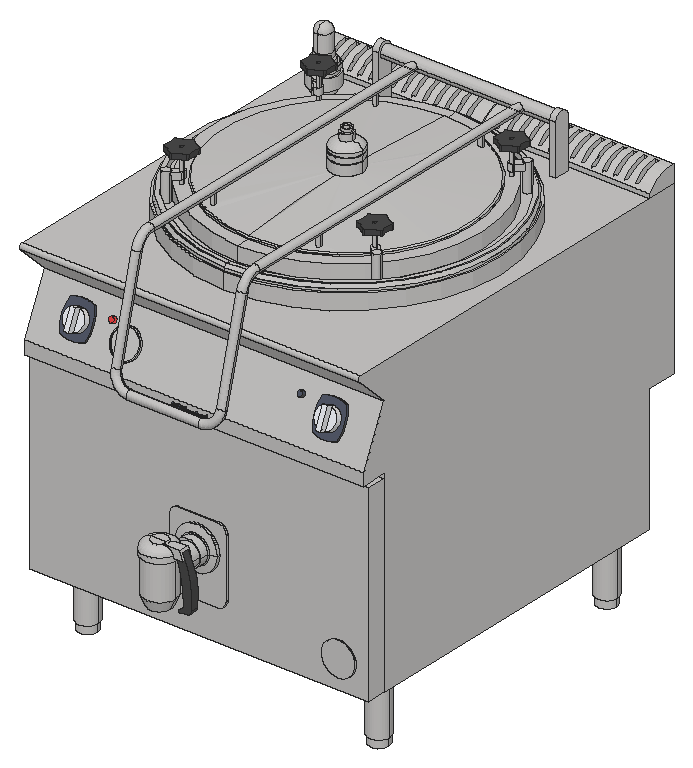
Revit family "QF_ELECTROLUXPROFESSIONAL_391104_E9BSGHIRFC", category Specialty Equipment, Revit 2018 (continued)
Lines and regions (mm)
  symbolic lines
    curve 209: arc (169.615, -295.914, 0) -> (171.677, -296.728, 0) -> (173.74, -295.914, 0) r 3.02
    curve 210: arc (159.181, -237.891, 0) -> (148.498, -233.575, 0) -> (141.51, -242.737, 0) r 9.5
    curve 211: arc (141.51, -242.737, 0) -> (141.692, -244.589, 0) -> (142.232, -246.369, 0) r 9.5
    curve 212: arc (626.292, -229.917, 0) -> (614.378, -238.753, 0) -> (600.772, -244.658, 0) r 65
    curve 213: arc (600.772, -244.658, 0) -> (599.046, -246.028, 0) -> (598.722, -248.207, 0) r 3
    curve 214: arc (598.722, -248.207, 0) -> (600.412, -262.931, 0) -> (598.722, -277.654, 0) r 65
    curve 215: arc (598.722, -277.654, 0) -> (599.046, -279.833, 0) -> (600.772, -281.203, 0) r 3
    curve 216: arc (600.772, -281.203, 0) -> (614.359, -287.097, 0) -> (626.26, -295.914, 0) r 65
    curve 217: arc (626.26, -295.914, 0) -> (628.323, -296.728, 0) -> (630.385, -295.914, 0) r 3.02
    curve 218: arc (630.385, -295.914, 0) -> (642.286, -287.097, 0) -> (655.873, -281.203, 0) r 65
    curve 219: arc (655.873, -281.203, 0) -> (657.599, -279.833, 0) -> (657.923, -277.654, 0) r 3
    curve 220: arc (657.923, -277.654, 0) -> (656.233, -262.931, 0) -> (657.923, -248.207, 0) r 65
    curve 221: arc (657.923, -248.207, 0) -> (657.599, -246.028, 0) -> (655.873, -244.658, 0) r 3
    curve 222: arc (655.873, -244.658, 0) -> (642.267, -238.753, 0) -> (630.353, -229.917, 0) r 65
    curve 223: arc (630.353, -229.917, 0) -> (628.323, -229.115, 0) -> (626.292, -229.917, 0) r 2.971
    curve 224: arc (632.323, -262.931, 0) -> (628.323, -266.931, 0) -> (624.323, -262.931, 0) r 4
    curve 225: arc (624.323, -262.931, 0) -> (628.323, -258.931, 0) -> (632.323, -262.931, 0) r 4
    curve 226: arc (657.768, -246.369, 0) -> (653.24, -234.241, 0) -> (640.819, -237.891, 0) r 9.5
    curve 227: arc (400, -829, 0) -> (341.533, -824.274, 0) -> (284.584, -810.217, 0) r 364
    curve 228: arc (400, -819.087, 0) -> (341.488, -814.219, 0) -> (284.584, -799.749, 0) r 354.087
    curve 229: arc (400, -810.163, 0) -> (341.443, -805.16, 0) -> (284.584, -790.295, 0) r 345.163
    curve 230: arc (400, -785.832, 0) -> (341.301, -780.416, 0) -> (284.584, -764.353, 0) r 320.832
    curve 231: arc (400, -753.723, 0) -> (341.05, -747.641, 0) -> (284.584, -729.651, 0) r 288.723
    curve 232: arc (400, -176.277, 0) -> (458.95, -182.359, 0) -> (515.416, -200.349, 0) r 288.723
    curve 233: arc (400, -144.168, 0) -> (458.699, -149.584, 0) -> (515.416, -165.647, 0) r 320.832
    curve 234: arc (400, -119.837, 0) -> (458.557, -124.84, 0) -> (515.416, -139.705, 0) r 345.163
    curve 235: arc (454.332, -115.106, 0) -> (485.211, -121.319, 0) -> (515.416, -130.251, 0) r 354.087
    curve 236: arc (500.351, -115.106, 0) -> (507.909, -117.363, 0) -> (515.416, -119.783, 0) r 364
    curve 237: arc (284.584, -119.783, 0) -> (292.091, -117.363, 0) -> (299.649, -115.106, 0) r 364
    curve 238: arc (284.584, -130.251, 0) -> (314.789, -121.319, 0) -> (345.668, -115.106, 0) r 354.087
    curve 239: arc (284.584, -139.705, 0) -> (341.443, -124.84, 0) -> (400, -119.837, 0) r 345.163
    curve 240: arc (284.584, -165.647, 0) -> (341.301, -149.584, 0) -> (400, -144.168, 0) r 320.832
    curve 241: arc (284.584, -200.349, 0) -> (341.05, -182.359, 0) -> (400, -176.277, 0) r 288.723
    curve 242: arc (534.416, -209.474, 0) -> (568.945, -230.866, 0) -> (600.131, -256.892, 0) r 288.723
    curve 243: arc (534.416, -173.684, 0) -> (580.763, -199.938, 0) -> (622.126, -233.499, 0) r 320.832
    curve 244: arc (534.416, -147.085, 0) -> (745.163, -465, 0) -> (534.416, -782.915, 0) r 345.163
    curve 245: arc (534.416, -137.418, 0) -> (754.087, -465, 0) -> (534.416, -792.582, 0) r 354.087
    curve 246: arc (534.416, -126.727, 0) -> (764, -465, 0) -> (534.416, -803.273, 0) r 364
    curve 247: arc (265.584, -720.526, 0) -> (231.055, -699.134, 0) -> (199.869, -673.108, 0) r 288.723
    curve 248: arc (265.584, -756.316, 0) -> (219.237, -730.062, 0) -> (177.874, -696.501, 0) r 320.832
    curve 249: arc (265.584, -782.915, 0) -> (54.837, -465, 0) -> (265.584, -147.085, 0) r 345.163
    curve 250: arc (265.584, -792.582, 0) -> (45.913, -465, 0) -> (265.584, -137.418, 0) r 354.087
    curve 251: arc (265.584, -803.273, 0) -> (36, -465, 0) -> (265.584, -126.727, 0) r 364
    curve 252: arc (515.416, -810.217, 0) -> (458.467, -824.274, 0) -> (400, -829, 0) r 364
    curve 253: arc (515.416, -799.749, 0) -> (458.512, -814.219, 0) -> (400, -819.087, 0) r 354.087
    curve 254: arc (515.416, -790.295, 0) -> (458.557, -805.16, 0) -> (400, -810.163, 0) r 345.163
    curve 255: arc (515.416, -764.353, 0) -> (458.699, -780.416, 0) -> (400, -785.832, 0) r 320.832
    curve 256: arc (515.416, -729.651, 0) -> (458.95, -747.641, 0) -> (400, -753.723, 0) r 288.723
    curve 257: arc (199.869, -256.892, 0) -> (231.055, -230.866, 0) -> (265.584, -209.474, 0) r 288.723
    curve 258: arc (177.874, -233.499, 0) -> (219.237, -199.938, 0) -> (265.584, -173.684, 0) r 320.832
    curve 259: arc (632.594, -293.941, 0) -> (688.723, -465, 0) -> (632.594, -636.059, 0) r 288.723
    curve 260: arc (657.013, -272.965, 0) -> (720.832, -465, 0) -> (657.013, -657.035, 0) r 320.832
    curve 261: arc (600.131, -673.108, 0) -> (568.945, -699.134, 0) -> (534.416, -720.526, 0) r 288.723
    curve 262: arc (622.126, -696.501, 0) -> (580.763, -730.062, 0) -> (534.416, -756.316, 0) r 320.832
    curve 263: arc (167.406, -636.059, 0) -> (111.277, -465, 0) -> (167.406, -293.941, 0) r 288.723
    curve 264: arc (142.987, -657.035, 0) -> (79.168, -465, 0) -> (142.987, -272.965, 0) r 320.832
    curve 265: line (284.584, -930, 0) -> (515.416, -930, 0)
    curve 266: line (534.416, -930, 0) -> (800, -930, 0)
    curve 267: arc (363.126, -465, 0) -> (400, -428.126, 0) -> (436.874, -465, 0) r 36.874
    curve 268: arc (436.874, -465, 0) -> (400, -501.874, 0) -> (363.126, -465, 0) r 36.874
    curve 269: arc (411.853, -465, 0) -> (400, -476.853, 0) -> (388.147, -465, 0) r 11.853
    curve 270: arc (388.147, -465, 0) -> (400, -453.147, 0) -> (411.853, -465, 0) r 11.853
    curve 271: arc (393.147, -465, 0) -> (400, -458.147, 0) -> (406.853, -465, 0) r 6.853
    curve 272: arc (406.853, -465, 0) -> (400, -471.853, 0) -> (393.147, -465, 0) r 6.853
  sketch lines
    curve 273: line (524.916, -890.935, 965.089) -> (524.916, -107.606, 965.089)
    curve 274: line (275.084, -890.935, 965.089) -> (275.084, -107.606, 965.089)
    curve 275: line (275.084, -989.388, 712.205) -> (275.084, -929.572, 935.442)
    curve 276: line (484.916, -1000.106, 672.205) -> (315.084, -1000.106, 672.205)
    curve 277: line (524.916, -929.572, 935.442) -> (524.916, -989.388, 712.205)
    curve 278: spline (484.916, -1000.106, 672.205) -> (490.158, -1000.013, 672.551) -> (495.264, -999.741, 673.567) -> (500.22, -999.29, 675.249) -> (504.918, -998.67, 677.565) -> (509.267, -997.891, 680.471) -> (513.2, -996.967, 683.92) -> (516.65, -995.913, 687.855) -> (519.555, -994.746, 692.209) -> (521.869, -993.489, 696.901) -> (523.551, -992.164, 701.847) -> (524.57, -990.793, 706.961) -> (524.916, -989.388, 712.205)
    curve 279: spline (275.084, -989.388, 712.205) -> (275.43, -990.793, 706.963) -> (276.446, -992.161, 701.857) -> (278.128, -993.489, 696.901) -> (280.443, -994.748, 692.203) -> (283.35, -995.913, 687.854) -> (286.799, -996.967, 683.921) -> (290.734, -997.891, 680.471) -> (295.088, -998.67, 677.567) -> (299.78, -999.29, 675.252) -> (304.726, -999.74, 673.571) -> (309.84, -1000.013, 672.552) -> (315.084, -1000.106, 672.205)
    curve 280: arc (275.084, -890.935, 965.089) -> (275.084, -915.286, 956.823) -> (275.084, -929.572, 935.442) r 40
    curve 281: arc (524.916, -929.572, 935.442) -> (524.916, -915.286, 956.823) -> (524.916, -890.935, 965.089) r 40
    curve 282: line (275.084, -107.606, 965.089) -> (275.084, -270.469, 1731.3)
    curve 283: line (275.084, -538.322, 1775.026) -> (275.084, -307.502, 1762.929)
    curve 284: arc (275.084, -270.469, 1731.3) -> (275.084, -283.617, 1753.4) -> (275.084, -307.502, 1762.929) r 40
    curve 285: arc (275.084, -538.322, 1775.026) -> (286.8, -566.568, 1776.497) -> (315.084, -578.268, 1777.106) r 40
    curve 286: line (315.084, -578.268, 1777.106) -> (484.916, -578.268, 1777.106)
    curve 287: arc (524.916, -538.322, 1775.026) -> (513.2, -566.568, 1776.497) -> (484.916, -578.268, 1777.106) r 40
    curve 288: line (524.916, -538.322, 1775.026) -> (524.916, -307.502, 1762.929)
    curve 289: arc (524.916, -270.469, 1731.3) -> (524.916, -283.617, 1753.4) -> (524.916, -307.502, 1762.929) r 40
    curve 290: line (524.916, -107.606, 965.089) -> (524.916, -270.469, 1731.3)
Dimensions and locks
  equal spacing: plane 3 "LEFT", plane 7 "Center Y", plane 4 "RIGHT"
  "Width": plane 3 "LEFT" to plane 4 "RIGHT"
  equal spacing: plane 5 "FRONT", plane 8 "Center X", plane 1 "BACK"
  "Depth": plane 5 "FRONT" to plane 1 "BACK"
  "Height": plane 6 "TOP" to level
  plane 11 to level = 1786 mm  (x2)
  plane 9 "Base" to level = 150 mm  (x2)
  plane 6 "TOP" to plane 9 "Base" = 700 mm
  plane 13 to plane 3 "LEFT" = 56 mm
  plane 4 "RIGHT" to plane 14 = 56 mm
  plane 13 to plane 14 = 688 mm
  plane 12 to plane 5 "FRONT" = 130 mm
  plane 12 to Extrusion 5 = 101 mm
  Extrusion 5 to plane 10 = 116 mm
  plane 1 "BACK" to Extrusion 5 = 901 mm
  Extrusion 5 to plane 9 "Base" = 299 mm
  plane 1 "BACK" to Extrusion 5 = 72 mm
  Extrusion 21 sketch curve to plane 1 "BACK" = 655 mm
  Extrusion 21 sketch curve to plane 4 "RIGHT" = 54 mm
  Extrusion 22 sketch curve to plane 1 "BACK" = 721 mm
  Extrusion 22 sketch curve to plane 4 "RIGHT" = 71 mm
  Extrusion 22 to plane 1 "BACK" = 721 mm
  Extrusion 21 to plane 1 "BACK" = 655 mm
  plane 15 to plane 4 "RIGHT" = 54 mm
  plane 16 to plane 4 "RIGHT" = 71 mm
  Extrusion 23 sketch curve to plane 1 "BACK" = 646 mm
  Extrusion 23 sketch curve to plane 1 "BACK" = 716 mm
  Extrusion 23 to plane 1 "BACK" = 646 mm
  Extrusion 23 to plane 1 "BACK" = 716 mm
  plane 3 "LEFT" to plane 17 = 47 mm
  plane 1 "BACK" to plane 20 = 127 mm
  plane 20 to plane 12 = 673 mm
  Revolve 35 to level = 266 mm
  plane 9 "Base" to Extrusion 23 = 13 mm
  level to Extrusion 23 = 137 mm
  plane 6 "TOP" to level = 850 mm
  Extrusion 38 sketch curve to plane 1 "BACK" = 716 mm
  aligned and locked: level to plane 2
  aligned and locked: plane 4 "RIGHT" to Extrusion 5
Automatic sketch dimensions
  Revolve 1 sketch curve to plane 9 "Base" = 0 mm  (x2)
  Revolve 1 sketch curve to level = 0 mm
  plane 13 to Revolve 1 sketch curve = 0 mm  (x2)
  plane 17 to Revolve 1 sketch curve = 13.9 mm
  Revolve 1 sketch curve to Revolve 1 sketch curve = 2.5 mm
  level to Revolve 1 sketch curve = 19.05 mm
  plane 9 "Base" to Revolve 1 sketch curve = 20 mm
  Revolve 2 sketch curve to plane 9 "Base" = 0 mm  (x2)
  Revolve 2 sketch curve to level = 0 mm
  Revolve 2 sketch curve to plane 14 = 0 mm  (x2)
  Revolve 2 sketch curve to plane 15 = 20.9 mm
  Revolve 2 sketch curve to Revolve 2 sketch curve = 2.5 mm
  plane 9 "Base" to Revolve 2 sketch curve = 20 mm
  level to Revolve 2 sketch curve = 19.05 mm
  Revolve 3 sketch curve to plane 9 "Base" = 0 mm  (x2)
  Revolve 3 sketch curve to level = 0 mm
  plane 13 to Revolve 3 sketch curve = 0 mm  (x2)
  plane 17 to Revolve 3 sketch curve = 13.9 mm
  Revolve 3 sketch curve to Revolve 3 sketch curve = 2.5 mm
  level to Revolve 3 sketch curve = 19.05 mm
  plane 9 "Base" to Revolve 3 sketch curve = 20 mm
  Revolve 4 sketch curve to plane 9 "Base" = 0 mm  (x2)
  Revolve 4 sketch curve to level = 0 mm
  Revolve 4 sketch curve to plane 14 = 0 mm  (x2)
  Revolve 4 sketch curve to plane 15 = 20.9 mm
  Revolve 4 sketch curve to Revolve 4 sketch curve = 2.5 mm
  plane 9 "Base" to Revolve 4 sketch curve = 20 mm
  level to Revolve 4 sketch curve = 19.05 mm
  Extrusion 5 sketch curve to plane 6 "TOP" = 0 mm
  Extrusion 5 sketch curve to plane 9 "Base" = 0 mm  (x2)
  Extrusion 5 sketch curve to plane 1 "BACK" = 0 mm
  plane 20 to Extrusion 5 sketch curve = 55 mm
  Extrusion 5 sketch curve to plane 12 = 51.569 mm
  Extrusion 5 sketch curve to Extrusion 5 sketch curve = 3.175 mm  (x2)
  Extrusion 5 sketch curve to Extrusion 5 sketch curve = 0.442 mm
  Extrusion 5 sketch curve to plane 12 = 56.613 mm
  Extrusion 5 sketch curve to plane 5 "FRONT" = 29 mm
  Extrusion 5 sketch curve to plane 5 "FRONT" = 14.69 mm
  Extrusion 5 sketch curve to plane 5 "FRONT" = 7.658 mm
  Extrusion 5 sketch curve to plane 5 "FRONT" = 2.243 mm
  plane 9 "Base" to Extrusion 5 sketch curve = 299 mm
  Extrusion 5 sketch curve to plane 6 "TOP" = 247.929 mm
  Extrusion 5 sketch curve to Extrusion 5 sketch curve = 8.058 mm
  Extrusion 5 sketch curve to Extrusion 5 sketch curve = 9.61 mm
  Extrusion 5 sketch curve to Extrusion 5 sketch curve = 31.298 mm
  Extrusion 5 sketch curve to plane 6 "TOP" = 83.217 mm
  Extrusion 5 sketch curve to plane 6 "TOP" = 13.073 mm
  Extrusion 6 sketch curve to plane 7 "Center Y" = 46.875 mm
  plane 9 "Base" to Extrusion 6 sketch curve = 76.296 mm
  Extrusion 6 sketch curve to Extrusion 6 sketch curve = 20 mm  (x3)
  Extrusion 6 sketch curve to Extrusion 6 sketch curve = 140 mm
  plane 7 "Center Y" to Extrusion 6 sketch curve = 46.875 mm
  Extrusion 6 sketch curve to Extrusion 6 sketch curve = 0 mm
  Revolve 7 sketch curve to plane 7 "Center Y" = 0 mm  (x2)
  plane 7 "Center Y" to Revolve 7 sketch curve = 27.31 mm
  Revolve 7 sketch curve to Revolve 7 sketch curve = 4.21 mm
  Revolve 7 sketch curve to Revolve 7 sketch curve = 2.04 mm
  Revolve 7 sketch curve to Revolve 7 sketch curve = 16.919 mm
  Revolve 7 sketch curve to plane 10 = 22.744 mm
  plane 5 "FRONT" to Revolve 7 sketch curve = 4.737 mm
  Revolve 7 sketch curve to plane 5 "FRONT" = 1.761 mm
  Revolve 7 sketch curve to plane 5 "FRONT" = 13.787 mm
  Revolve 7 sketch curve to Revolve 7 sketch curve = 2.899 mm
  Revolve 7 sketch curve to Revolve 7 sketch curve = 3.596 mm
  Revolve 7 sketch curve to Revolve 7 sketch curve = 24.039 mm
  Revolve 7 sketch curve to Revolve 7 sketch curve = 15.961 mm
  plane 19 to Extrusion 9 sketch curve = 20.038 mm
  plane 16 to Extrusion 9 sketch curve = 1.596 mm
  Extrusion 9 sketch curve to Extrusion 9 sketch curve = 0 mm  (x3)
  Extrusion 9 sketch curve to plane 13 = 16.596 mm
  plane 18 to Extrusion 9 sketch curve = 20.038 mm
  Extrusion 9 sketch curve to Extrusion 9 sketch curve = 12.3 mm  (x2)
  Extrusion 9 sketch curve to plane 15 = 7.131 mm
  Extrusion 9 sketch curve to Extrusion 9 sketch curve = 34.925 mm  (x4)
  Extrusion 9 sketch curve to plane 19 = 5.076 mm
  Extrusion 9 sketch curve to plane 18 = 5.076 mm
  plane 17 to Extrusion 9 sketch curve = 0.131 mm
  Extrusion 9 sketch curve to Extrusion 9 sketch curve = 46.691 mm  (x2)
  plane 16 to Extrusion 9 sketch curve = 2.214 mm
  plane 18 to Extrusion 9 sketch curve = 20.651 mm
  Extrusion 9 sketch curve to plane 13 = 17.214 mm
  plane 19 to Extrusion 9 sketch curve = 20.651 mm
  Extrusion 10 sketch curve to Extrusion 10 sketch curve = 0 mm
  Extrusion 10 sketch curve to Extrusion 10 sketch curve = 595.086 mm
  Extrusion 11 sketch curve to Extrusion 11 sketch curve = 24.732 mm  (x2)
  Extrusion 11 sketch curve to Extrusion 11 sketch curve = 0 mm  (x2)
  Extrusion 12 sketch curve to plane 18 = 26.173 mm
  Extrusion 13 sketch curve to plane 19 = 26.173 mm
  plane 7 "Center Y" to Extrusion 14 sketch curve = 21.292 mm
  Extrusion 14 sketch curve to plane 6 "TOP" = 237.067 mm
  Extrusion 14 sketch curve to plane 7 "Center Y" = 13.807 mm
  Extrusion 14 sketch curve to Extrusion 14 sketch curve = 5.041 mm
  plane 7 "Center Y" to Extrusion 14 sketch curve = 5.969 mm
  Extrusion 14 sketch curve to Extrusion 14 sketch curve = 5.06 mm
  Extrusion 14 sketch curve to Extrusion 14 sketch curve = 0 mm  (x27)
  Extrusion 14 sketch curve to Extrusion 14 sketch curve = 5.108 mm  (x2)
  Extrusion 14 sketch curve to Extrusion 14 sketch curve = 0.054 mm
  Extrusion 14 sketch curve to Extrusion 14 sketch curve = 0.218 mm
  Extrusion 14 sketch curve to Extrusion 14 sketch curve = 0.195 mm
  Extrusion 14 sketch curve to Extrusion 14 sketch curve = 0.249 mm
  Extrusion 14 sketch curve to Extrusion 14 sketch curve = 0.316 mm
  Extrusion 14 sketch curve to Extrusion 14 sketch curve = 0.087 mm
  Extrusion 14 sketch curve to Extrusion 14 sketch curve = 0.358 mm
  Extrusion 14 sketch curve to Extrusion 14 sketch curve = 0.481 mm
  Extrusion 14 sketch curve to Extrusion 14 sketch curve = 0.597 mm
  Extrusion 14 sketch curve to Extrusion 14 sketch curve = 0.544 mm
  Extrusion 14 sketch curve to Extrusion 14 sketch curve = 0.936 mm
  Extrusion 14 sketch curve to Extrusion 14 sketch curve = 0.594 mm
  Extrusion 14 sketch curve to Extrusion 14 sketch curve = 0.343 mm
  Extrusion 14 sketch curve to Extrusion 14 sketch curve = 0.159 mm
  Extrusion 14 sketch curve to Extrusion 14 sketch curve = 0.826 mm
  Extrusion 14 sketch curve to Extrusion 14 sketch curve = 0.839 mm
  Extrusion 14 sketch curve to Extrusion 14 sketch curve = 0.852 mm
  Extrusion 14 sketch curve to Extrusion 14 sketch curve = 0.887 mm
  Extrusion 14 sketch curve to Extrusion 14 sketch curve = 0.928 mm
  Extrusion 14 sketch curve to Extrusion 14 sketch curve = 0.938 mm
  Extrusion 14 sketch curve to Extrusion 14 sketch curve = 0.444 mm
  Extrusion 14 sketch curve to Extrusion 14 sketch curve = 1.11 mm  (x3)
  plane 7 "Center Y" to Extrusion 14 sketch curve = 43.726 mm
  Extrusion 14 sketch curve to Extrusion 14 sketch curve = 0.215 mm
  plane 7 "Center Y" to Extrusion 14 sketch curve = 0.332 mm
  Extrusion 14 sketch curve to Extrusion 14 sketch curve = 1.43 mm
  Extrusion 14 sketch curve to Extrusion 14 sketch curve = 1.188 mm
  Extrusion 14 sketch curve to Extrusion 14 sketch curve = 1.21 mm  (x2)
  Extrusion 14 sketch curve to Extrusion 14 sketch curve = 0.503 mm
  plane 7 "Center Y" to Extrusion 14 sketch curve = 48.995 mm
  Extrusion 14 sketch curve to Extrusion 14 sketch curve = 0.488 mm
  plane 7 "Center Y" to Extrusion 14 sketch curve = 52.922 mm
  Extrusion 14 sketch curve to Extrusion 14 sketch curve = 0.462 mm
  Extrusion 14 sketch curve to Extrusion 14 sketch curve = 1.386 mm
  Extrusion 14 sketch curve to Extrusion 14 sketch curve = 1.742 mm
  Extrusion 14 sketch curve to Extrusion 14 sketch curve = 0.821 mm
  Extrusion 14 sketch curve to Extrusion 14 sketch curve = 0.497 mm
  Extrusion 14 sketch curve to Extrusion 14 sketch curve = 0.539 mm
  Extrusion 14 sketch curve to Extrusion 14 sketch curve = 0.199 mm
  Extrusion 14 sketch curve to plane 7 "Center Y" = 0.042 mm
  Extrusion 14 sketch curve to Extrusion 14 sketch curve = 0.408 mm
  Extrusion 14 sketch curve to Extrusion 14 sketch curve = 0.743 mm
  Extrusion 14 sketch curve to Extrusion 14 sketch curve = 1.16 mm
  Extrusion 14 sketch curve to Extrusion 14 sketch curve = 0.329 mm
  Extrusion 14 sketch curve to Extrusion 14 sketch curve = 1.054 mm
  Extrusion 14 sketch curve to Extrusion 14 sketch curve = 1.056 mm
  Extrusion 14 sketch curve to Extrusion 14 sketch curve = 0.129 mm
  Extrusion 14 sketch curve to Extrusion 14 sketch curve = 0.489 mm
  Extrusion 14 sketch curve to plane 7 "Center Y" = 0.376 mm
  Extrusion 14 sketch curve to Extrusion 14 sketch curve = 0.441 mm
  Extrusion 14 sketch curve to Extrusion 14 sketch curve = 1.151 mm
  Extrusion 14 sketch curve to Extrusion 14 sketch curve = 1.141 mm  (x2)
  Extrusion 14 sketch curve to Extrusion 14 sketch curve = 0.768 mm
  Extrusion 14 sketch curve to Extrusion 14 sketch curve = 1.653 mm
  Extrusion 14 sketch curve to Extrusion 14 sketch curve = 0.499 mm
  Extrusion 14 sketch curve to Extrusion 14 sketch curve = 0.964 mm
  Extrusion 14 sketch curve to Extrusion 14 sketch curve = 0.949 mm
  Extrusion 14 sketch curve to Extrusion 14 sketch curve = 1.345 mm  (x3)
  Extrusion 14 sketch curve to Extrusion 14 sketch curve = 1.101 mm
  Extrusion 14 sketch curve to Extrusion 14 sketch curve = 0.432 mm
  Extrusion 14 sketch curve to Extrusion 14 sketch curve = 1.142 mm
  Extrusion 14 sketch curve to Extrusion 14 sketch curve = 0.959 mm
  Extrusion 14 sketch curve to Extrusion 14 sketch curve = 0.176 mm
  Extrusion 14 sketch curve to Extrusion 14 sketch curve = 0.728 mm
  Extrusion 14 sketch curve to Extrusion 14 sketch curve = 3.375 mm  (x2)
  Extrusion 14 sketch curve to Extrusion 14 sketch curve = 0.541 mm
  Extrusion 14 sketch curve to Extrusion 14 sketch curve = 0.955 mm
  Extrusion 14 sketch curve to Extrusion 14 sketch curve = 1.251 mm
  Extrusion 14 sketch curve to Extrusion 14 sketch curve = 0.572 mm
  plane 7 "Center Y" to Extrusion 14 sketch curve = 47.619 mm
  Extrusion 14 sketch curve to Extrusion 14 sketch curve = 1.92 mm
  Extrusion 14 sketch curve to Extrusion 14 sketch curve = 1.224 mm
  Extrusion 14 sketch curve to Extrusion 14 sketch curve = 0.745 mm
  Extrusion 14 sketch curve to Extrusion 14 sketch curve = 0.036 mm
  Extrusion 14 sketch curve to Extrusion 14 sketch curve = 0.896 mm  (x3)
  Extrusion 14 sketch curve to Extrusion 14 sketch curve = 2.607 mm
  Extrusion 14 sketch curve to Extrusion 14 sketch curve = 0.066 mm
  Extrusion 14 sketch curve to Extrusion 14 sketch curve = 0.248 mm
  Extrusion 14 sketch curve to Extrusion 14 sketch curve = 0.449 mm
  plane 7 "Center Y" to Extrusion 14 sketch curve = 46.838 mm
  Extrusion 14 sketch curve to Extrusion 14 sketch curve = 1.052 mm
  Extrusion 14 sketch curve to Extrusion 14 sketch curve = 1.863 mm
  Extrusion 14 sketch curve to Extrusion 14 sketch curve = 1.31 mm  (x2)
  Extrusion 14 sketch curve to Extrusion 14 sketch curve = 0.901 mm
  Extrusion 14 sketch curve to Extrusion 14 sketch curve = 1.107 mm
  Extrusion 14 sketch curve to Extrusion 14 sketch curve = 2.122 mm
  Extrusion 14 sketch curve to Extrusion 14 sketch curve = 2.101 mm
  Extrusion 14 sketch curve to Extrusion 14 sketch curve = 0.106 mm
  Extrusion 14 sketch curve to Extrusion 14 sketch curve = 0.029 mm
  plane 7 "Center Y" to Extrusion 14 sketch curve = 49.641 mm
  Extrusion 14 sketch curve to Extrusion 14 sketch curve = 2.09 mm
  Extrusion 14 sketch curve to Extrusion 14 sketch curve = 1.279 mm
  Extrusion 14 sketch curve to Extrusion 14 sketch curve = 2.008 mm
  Extrusion 14 sketch curve to Extrusion 14 sketch curve = 0.738 mm
  Extrusion 14 sketch curve to Extrusion 14 sketch curve = 0.382 mm
  Extrusion 14 sketch curve to Extrusion 14 sketch curve = 0.384 mm
  Extrusion 14 sketch curve to Extrusion 14 sketch curve = 0.002 mm
  Extrusion 14 sketch curve to Extrusion 14 sketch curve = 0.561 mm
  Extrusion 14 sketch curve to Extrusion 14 sketch curve = 0.592 mm
  Extrusion 14 sketch curve to Extrusion 14 sketch curve = 2.692 mm
  Extrusion 14 sketch curve to Extrusion 14 sketch curve = 1.259 mm
  plane 7 "Center Y" to Extrusion 14 sketch curve = 48.858 mm
  Extrusion 14 sketch curve to Extrusion 14 sketch curve = 0.802 mm
  Extrusion 14 sketch curve to Extrusion 14 sketch curve = 1.024 mm
  Extrusion 14 sketch curve to Extrusion 14 sketch curve = 0.682 mm
  Extrusion 14 sketch curve to Extrusion 14 sketch curve = 5.934 mm
  Extrusion 14 sketch curve to Extrusion 14 sketch curve = 2.186 mm
  Extrusion 14 sketch curve to Extrusion 14 sketch curve = 0.337 mm
  Extrusion 14 sketch curve to Extrusion 14 sketch curve = 0.021 mm
  Extrusion 14 sketch curve to Extrusion 14 sketch curve = 1.005 mm
  Extrusion 14 sketch curve to Extrusion 14 sketch curve = 0.552 mm
  Extrusion 14 sketch curve to Extrusion 14 sketch curve = 0.778 mm
  Extrusion 14 sketch curve to Extrusion 14 sketch curve = 0.063 mm
  Extrusion 14 sketch curve to Extrusion 14 sketch curve = 1.023 mm
  Extrusion 14 sketch curve to Extrusion 14 sketch curve = 3.804 mm
  Extrusion 14 sketch curve to Extrusion 14 sketch curve = 0.486 mm
  Extrusion 14 sketch curve to Extrusion 14 sketch curve = 0.266 mm
  Extrusion 14 sketch curve to plane 7 "Center Y" = 0.787 mm
  Extrusion 14 sketch curve to Extrusion 14 sketch curve = 1.547 mm
  Extrusion 14 sketch curve to Extrusion 14 sketch curve = 0.717 mm  (x2)
  Extrusion 14 sketch curve to Extrusion 14 sketch curve = 1.667 mm
  plane 7 "Center Y" to Extrusion 14 sketch curve = 44.532 mm
  Extrusion 14 sketch curve to Extrusion 14 sketch curve = 3.174 mm
  plane 7 "Center Y" to Extrusion 14 sketch curve = 0.368 mm
  Extrusion 14 sketch curve to Extrusion 14 sketch curve = 0.388 mm
  Extrusion 14 sketch curve to Extrusion 14 sketch curve = 1.342 mm
  plane 7 "Center Y" to Extrusion 14 sketch curve = 50.135 mm
  Extrusion 14 sketch curve to Extrusion 14 sketch curve = 1.521 mm
  plane 7 "Center Y" to Extrusion 14 sketch curve = 51.694 mm
  Extrusion 14 sketch curve to Extrusion 14 sketch curve = 0.124 mm
  Extrusion 14 sketch curve to Extrusion 14 sketch curve = 0.291 mm
  plane 7 "Center Y" to Extrusion 14 sketch curve = 7.285 mm
  Extrusion 14 sketch curve to Extrusion 14 sketch curve = 1.049 mm  (x2)
  plane 7 "Center Y" to Extrusion 14 sketch curve = 47.668 mm
  Extrusion 14 sketch curve to Extrusion 14 sketch curve = 1.7 mm
  Extrusion 14 sketch curve to Extrusion 14 sketch curve = 0.894 mm
  Extrusion 14 sketch curve to Extrusion 14 sketch curve = 0.989 mm
  Extrusion 14 sketch curve to Extrusion 14 sketch curve = 1.168 mm
  Extrusion 14 sketch curve to Extrusion 14 sketch curve = 1.594 mm
  Extrusion 14 sketch curve to Extrusion 14 sketch curve = 0.731 mm
  Extrusion 14 sketch curve to Extrusion 14 sketch curve = 1.566 mm
  Extrusion 14 sketch curve to Extrusion 14 sketch curve = 0.064 mm
  plane 7 "Center Y" to Extrusion 14 sketch curve = 7.842 mm
  Extrusion 14 sketch curve to Extrusion 14 sketch curve = 0.556 mm
  Extrusion 14 sketch curve to Extrusion 14 sketch curve = 0.48 mm
  Extrusion 14 sketch curve to Extrusion 14 sketch curve = 0.228 mm
  Extrusion 14 sketch curve to Extrusion 14 sketch curve = 1.018 mm
  plane 7 "Center Y" to Extrusion 14 sketch curve = 37.429 mm
  Extrusion 14 sketch curve to Extrusion 14 sketch curve = 0.787 mm
  Extrusion 14 sketch curve to Extrusion 14 sketch curve = 0.618 mm
  plane 7 "Center Y" to Extrusion 14 sketch curve = 42.486 mm
  Extrusion 14 sketch curve to Extrusion 14 sketch curve = 1.672 mm
  plane 7 "Center Y" to Extrusion 14 sketch curve = 53.436 mm
  Extrusion 14 sketch curve to Extrusion 14 sketch curve = 1.361 mm
  Extrusion 14 sketch curve to Extrusion 14 sketch curve = 0.822 mm
  Extrusion 14 sketch curve to Extrusion 14 sketch curve = 0.069 mm
  Extrusion 14 sketch curve to Extrusion 14 sketch curve = 1.88 mm
  plane 7 "Center Y" to Extrusion 14 sketch curve = 35.269 mm
  Extrusion 14 sketch curve to Extrusion 14 sketch curve = 0.42 mm
  Extrusion 14 sketch curve to Extrusion 14 sketch curve = 0.062 mm
  Extrusion 14 sketch curve to Extrusion 14 sketch curve = 1.355 mm
  Extrusion 14 sketch curve to Extrusion 14 sketch curve = 2.34 mm
  Extrusion 14 sketch curve to Extrusion 14 sketch curve = 0.493 mm
  Extrusion 14 sketch curve to Extrusion 14 sketch curve = 0.136 mm
  Extrusion 14 sketch curve to Extrusion 14 sketch curve = 0.128 mm
  Extrusion 14 sketch curve to Extrusion 14 sketch curve = 3.616 mm
  Extrusion 14 sketch curve to Extrusion 14 sketch curve = 4.207 mm
  Extrusion 14 sketch curve to Extrusion 14 sketch curve = 0.183 mm
  Extrusion 14 sketch curve to Extrusion 14 sketch curve = 0.895 mm
  Extrusion 14 sketch curve to Extrusion 14 sketch curve = 1.314 mm
  Extrusion 14 sketch curve to Extrusion 14 sketch curve = 3.231 mm
  Extrusion 14 sketch curve to plane 7 "Center Y" = 23.526 mm
  Extrusion 14 sketch curve to Extrusion 14 sketch curve = 1.299 mm
  Extrusion 14 sketch curve to Extrusion 14 sketch curve = 1.214 mm
  plane 7 "Center Y" to Extrusion 14 sketch curve = 26.369 mm
  Extrusion 14 sketch curve to Extrusion 14 sketch curve = 1.264 mm
  Extrusion 14 sketch curve to Extrusion 14 sketch curve = 0.109 mm
  Extrusion 14 sketch curve to Extrusion 14 sketch curve = 0.357 mm
  Extrusion 14 sketch curve to Extrusion 14 sketch curve = 0.565 mm
  Extrusion 14 sketch curve to Extrusion 14 sketch curve = 2.504 mm
  Extrusion 14 sketch curve to Extrusion 14 sketch curve = 2.459 mm
  Extrusion 14 sketch curve to Extrusion 14 sketch curve = 0.983 mm
  Extrusion 14 sketch curve to Extrusion 14 sketch curve = 0.422 mm  (x2)
  Extrusion 14 sketch curve to Extrusion 14 sketch curve = 1.268 mm
  Extrusion 14 sketch curve to Extrusion 14 sketch curve = 0.671 mm
  Extrusion 14 sketch curve to Extrusion 14 sketch curve = 1.634 mm
  Extrusion 14 sketch curve to Extrusion 14 sketch curve = 0.132 mm
  Extrusion 14 sketch curve to Extrusion 14 sketch curve = 0.586 mm
  Extrusion 14 sketch curve to Extrusion 14 sketch curve = 1.241 mm
  Extrusion 14 sketch curve to Extrusion 14 sketch curve = 1.689 mm
  Extrusion 14 sketch curve to Extrusion 14 sketch curve = 0.627 mm
  Extrusion 14 sketch curve to Extrusion 14 sketch curve = 0.419 mm
  Extrusion 14 sketch curve to Extrusion 14 sketch curve = 1.514 mm
  Extrusion 14 sketch curve to Extrusion 14 sketch curve = 1.019 mm
  Extrusion 14 sketch curve to Extrusion 14 sketch curve = 0.065 mm
  Extrusion 14 sketch curve to Extrusion 14 sketch curve = 1.215 mm
  Extrusion 14 sketch curve to Extrusion 14 sketch curve = 1.122 mm
  Extrusion 14 sketch curve to Extrusion 14 sketch curve = 1.153 mm
  Extrusion 14 sketch curve to Extrusion 14 sketch curve = 1.223 mm
  Extrusion 14 sketch curve to Extrusion 14 sketch curve = 0.934 mm
  Extrusion 14 sketch curve to Extrusion 14 sketch curve = 3.376 mm
  Extrusion 14 sketch curve to Extrusion 14 sketch curve = 0.222 mm
  Extrusion 14 sketch curve to Extrusion 14 sketch curve = 1.383 mm
  Extrusion 14 sketch curve to Extrusion 14 sketch curve = 1.556 mm
  Extrusion 14 sketch curve to Extrusion 14 sketch curve = 2.559 mm
  Extrusion 14 sketch curve to Extrusion 14 sketch curve = 2.51 mm
  Extrusion 14 sketch curve to Extrusion 14 sketch curve = 0.131 mm
  Extrusion 14 sketch curve to Extrusion 14 sketch curve = 1.134 mm
  Extrusion 14 sketch curve to Extrusion 14 sketch curve = 0.094 mm
  Extrusion 14 sketch curve to Extrusion 14 sketch curve = 1.584 mm
  Extrusion 14 sketch curve to Extrusion 14 sketch curve = 0.27 mm
  Extrusion 14 sketch curve to Extrusion 14 sketch curve = 0.916 mm
  Extrusion 14 sketch curve to Extrusion 14 sketch curve = 0.352 mm
  Extrusion 14 sketch curve to Extrusion 14 sketch curve = 0.458 mm
  Extrusion 14 sketch curve to Extrusion 14 sketch curve = 1.282 mm
  Extrusion 14 sketch curve to Extrusion 14 sketch curve = 1.363 mm
  Extrusion 14 sketch curve to Extrusion 14 sketch curve = 0.685 mm
  Extrusion 14 sketch curve to Extrusion 14 sketch curve = 0.905 mm
  Extrusion 14 sketch curve to Extrusion 14 sketch curve = 1.477 mm
  Extrusion 14 sketch curve to Extrusion 14 sketch curve = 0.472 mm
  Extrusion 14 sketch curve to Extrusion 14 sketch curve = 0.101 mm
  Extrusion 14 sketch curve to Extrusion 14 sketch curve = 0.54 mm
  Extrusion 14 sketch curve to Extrusion 14 sketch curve = 0.02 mm
  Extrusion 14 sketch curve to Extrusion 14 sketch curve = 0.829 mm
  Extrusion 14 sketch curve to Extrusion 14 sketch curve = 0.582 mm
  Extrusion 14 sketch curve to Extrusion 14 sketch curve = 0.166 mm
  Extrusion 14 sketch curve to Extrusion 14 sketch curve = 0.16 mm
  Extrusion 14 sketch curve to Extrusion 14 sketch curve = 1.118 mm
  Extrusion 14 sketch curve to Extrusion 14 sketch curve = 0.613 mm
  Extrusion 14 sketch curve to Extrusion 14 sketch curve = 0.781 mm
  Extrusion 14 sketch curve to Extrusion 14 sketch curve = 0.361 mm
  Extrusion 14 sketch curve to Extrusion 14 sketch curve = 0.897 mm
  Extrusion 14 sketch curve to Extrusion 14 sketch curve = 0.167 mm
  Extrusion 14 sketch curve to Extrusion 14 sketch curve = 0.292 mm
  Extrusion 14 sketch curve to Extrusion 14 sketch curve = 0.305 mm
  Extrusion 14 sketch curve to Extrusion 14 sketch curve = 1.557 mm
  Extrusion 14 sketch curve to Extrusion 14 sketch curve = 2.499 mm
  Extrusion 14 sketch curve to Extrusion 14 sketch curve = 3.062 mm
  Extrusion 14 sketch curve to Extrusion 14 sketch curve = 2.968 mm
  Extrusion 14 sketch curve to Extrusion 14 sketch curve = 5.044 mm
  Extrusion 14 sketch curve to Extrusion 14 sketch curve = 0.629 mm  (x2)
  Extrusion 14 sketch curve to Extrusion 14 sketch curve = 1.131 mm
  Extrusion 14 sketch curve to Extrusion 14 sketch curve = 0.137 mm
  Extrusion 14 sketch curve to Extrusion 14 sketch curve = 0.027 mm
  Extrusion 14 sketch curve to Extrusion 14 sketch curve = 2.046 mm
  Extrusion 14 sketch curve to Extrusion 14 sketch curve = 2.235 mm
  Revolve 15 sketch curve to plane 6 "TOP" = 0 mm
  Revolve 15 sketch curve to plane 8 "Center X" = 0 mm  (x2)
  plane 12 to Revolve 15 sketch curve = 46.277 mm
  Revolve 15 sketch curve to Revolve 15 sketch curve = 2.777 mm  (x2)
  plane 12 to Revolve 15 sketch curve = 14.168 mm
  Revolve 15 sketch curve to plane 12 = 10.163 mm
  Revolve 15 sketch curve to Revolve 15 sketch curve = 8.924 mm
  Revolve 15 sketch curve to Revolve 15 sketch curve = 13.837 mm
  Revolve 15 sketch curve to plane 12 = 29 mm
  Revolve 15 sketch curve to level = 1659.206 mm
  plane 6 "TOP" to Revolve 15 sketch curve = 37.198 mm
  Revolve 15 sketch curve to Revolve 15 sketch curve = 1.927 mm
  plane 6 "TOP" to Revolve 15 sketch curve = 40.825 mm
  Revolve 15 sketch curve to Revolve 15 sketch curve = 5.725 mm
  Revolve 15 sketch curve to Revolve 15 sketch curve = 8.509 mm
  Revolve 15 sketch curve to Revolve 15 sketch curve = 1.804 mm
  Revolve 15 sketch curve to Revolve 15 sketch curve = 35.657 mm
  Revolve 15 sketch curve to Revolve 15 sketch curve = 3.37 mm
  Revolve 15 sketch curve to Revolve 15 sketch curve = 6.257 mm
  Extrusion 16 sketch curve to plane 6 "TOP" = 0 mm
  Extrusion 16 sketch curve to plane 1 "BACK" = 0 mm
  plane 1 "BACK" to Extrusion 16 sketch curve = 4.947 mm
  plane 6 "TOP" to Extrusion 16 sketch curve = 10.4 mm
  plane 20 to Extrusion 16 sketch curve = 57.15 mm
  Extrusion 16 sketch curve to plane 6 "TOP" = 39.807 mm
  plane 1 "BACK" to Extrusion 17 sketch curve = 6.761 mm  (x14)
  Extrusion 17 sketch curve to Extrusion 17 sketch curve = 57.15 mm
  Extrusion 17 sketch curve to Extrusion 17 sketch curve = 0 mm  (x13)
  plane 17 to Extrusion 17 sketch curve = 8.001 mm
  Extrusion 17 sketch curve to Extrusion 17 sketch curve = 9.296 mm  (x13)
  plane 13 to Extrusion 17 sketch curve = 0.809 mm
  Extrusion 17 sketch curve to plane 13 = 8.487 mm
  Extrusion 17 sketch curve to Extrusion 17 sketch curve = 16.193 mm  (x11)
  Extrusion 17 sketch curve to plane 18 = 6.135 mm
  Extrusion 18 sketch curve to plane 6 "TOP" = 0 mm
  Extrusion 18 sketch curve to plane 1 "BACK" = 0 mm
  plane 1 "BACK" to Extrusion 18 sketch curve = 4.947 mm
  plane 6 "TOP" to Extrusion 18 sketch curve = 10.4 mm
  plane 20 to Extrusion 18 sketch curve = 57.15 mm
  Extrusion 18 sketch curve to Extrusion 18 sketch curve = 42.1 mm
  plane 1 "BACK" to Extrusion 19 sketch curve = 6.761 mm  (x14)
  Extrusion 19 sketch curve to Extrusion 19 sketch curve = 57.15 mm
  Extrusion 19 sketch curve to Extrusion 19 sketch curve = 0 mm  (x13)
  Extrusion 19 sketch curve to plane 16 = 6.513 mm
  plane 16 to Extrusion 19 sketch curve = 9.68 mm
  Extrusion 19 sketch curve to Extrusion 19 sketch curve = 9.296 mm  (x13)
  Extrusion 19 sketch curve to Extrusion 19 sketch curve = 16.193 mm  (x10)
  Extrusion 19 sketch curve to plane 19 = 6.135 mm
  plane 14 to Extrusion 19 sketch curve = 0.809 mm
  Extrusion 19 sketch curve to plane 15 = 15.001 mm
  Extrusion 20 sketch curve to plane 18 = 124.074 mm  (x2)
  Extrusion 20 sketch curve to plane 19 = 124.074 mm  (x2)
  plane 12 to Extrusion 20 sketch curve = 96.372 mm  (x2)
  Extrusion 20 sketch curve to plane 20 = 98.372 mm  (x2)
  Extrusion 25 sketch curve to plane 6 "TOP" = 0 mm
  plane 20 to Extrusion 25 sketch curve = 9.5 mm
  Extrusion 25 sketch curve to Extrusion 25 sketch curve = 17.394 mm
  Extrusion 25 sketch curve to Extrusion 25 sketch curve = 117.07 mm
  plane 20 to Extrusion 26 sketch curve = 26.894 mm
  plane 6 "TOP" to Extrusion 26 sketch curve = 115.089 mm
  Extrusion 27 sketch curve to plane 6 "TOP" = 0 mm
  plane 20 to Extrusion 27 sketch curve = 9.5 mm
  Extrusion 27 sketch curve to Extrusion 27 sketch curve = 17.394 mm
  Extrusion 27 sketch curve to Extrusion 27 sketch curve = 117.07 mm
  Extrusion 28 sketch curve to plane 18 = 66.922 mm
  Split face 1 sketch curve to Split face 1 sketch curve = 0.836 mm
  Split face 1 sketch curve to Split face 1 sketch curve = 1.45 mm
  Split face 1 sketch curve to Split face 1 sketch curve = 19.376 mm
  Split face 1 sketch curve to Split face 1 sketch curve = 0.222 mm
  Split face 1 sketch curve to Split face 1 sketch curve = 0.237 mm
  Split face 1 sketch curve to Split face 1 sketch curve = 0.785 mm
  Split face 1 sketch curve to Split face 1 sketch curve = 1.487 mm
  Split face 1 sketch curve to Split face 1 sketch curve = 4.448 mm
  Split face 1 sketch curve to Split face 1 sketch curve = 1.554 mm  (x2)
  Split face 1 sketch curve to Split face 1 sketch curve = 4.065 mm
  Split face 1 sketch curve to Split face 1 sketch curve = 16.107 mm
  Split face 1 sketch curve to Split face 1 sketch curve = 0.246 mm
  Revolve 30 sketch curve to plane 6 "TOP" = 0 mm
  Revolve 30 sketch curve to plane 20 = 0 mm  (x2)
  Revolve 30 sketch curve to plane 20 = 18.183 mm
  Revolve 30 sketch curve to Revolve 30 sketch curve = 2.332 mm
  Revolve 30 sketch curve to Revolve 30 sketch curve = 4.485 mm  (x2)
  Revolve 30 sketch curve to plane 20 = 25 mm
  Revolve 30 sketch curve to Revolve 30 sketch curve = 5 mm  (x2)
  Revolve 30 sketch curve to Revolve 30 sketch curve = 0 mm  (x2)
  Revolve 30 sketch curve to Revolve 30 sketch curve = 3.008 mm
  Revolve 30 sketch curve to Revolve 30 sketch curve = 10 mm  (x2)
  plane 6 "TOP" to Revolve 30 sketch curve = 15.138 mm
  Revolve 30 sketch curve to Revolve 30 sketch curve = 27.785 mm
  Revolve 30 sketch curve to Revolve 30 sketch curve = 8.509 mm
  Revolve 30 sketch curve to Revolve 30 sketch curve = 8.128 mm
  Revolve 30 sketch curve to Revolve 30 sketch curve = 6.455 mm
  Revolve 30 sketch curve to Revolve 30 sketch curve = 10.697 mm
  Revolve 30 sketch curve to Revolve 30 sketch curve = 40.669 mm
  Revolve 15 to Extrusion 31 sketch curve = 248.99 mm  (x2)
  Extrusion 31 sketch curve to Revolve 15 = 248.99 mm  (x2)
  Extrusion 31 sketch curve to Extrusion 31 sketch curve = 0 mm
  Extrusion 31 sketch curve to Extrusion 31 sketch curve = 445 mm  (x2)
  Extrusion 32 sketch curve to plane 18 = 0 mm  (x2)
  Extrusion 32 sketch curve to plane 19 = 0 mm  (x2)
  plane 18 to Extrusion 32 sketch curve = 2.034 mm  (x2)
  Extrusion 32 sketch curve to plane 18 = 9.28 mm  (x2)
  Extrusion 32 sketch curve to plane 18 = 14.468 mm  (x2)
  Extrusion 32 sketch curve to Extrusion 32 sketch curve = 5.657 mm  (x12)
  Extrusion 32 sketch curve to plane 19 = 25.782 mm  (x2)
  Extrusion 32 sketch curve to plane 19 = 9.28 mm  (x2)
  plane 19 to Extrusion 32 sketch curve = 2.034 mm  (x2)
  plane 12 to Extrusion 32 sketch curve = 111.229 mm  (x2)
  Extrusion 32 sketch curve to Extrusion 32 sketch curve = 2.034 mm  (x2)
  Extrusion 32 sketch curve to Extrusion 32 sketch curve = 16.502 mm  (x4)
  Extrusion 32 sketch curve to plane 20 = 141.519 mm  (x2)
  Extrusion 32 sketch curve to Extrusion 32 sketch curve = 9.28 mm  (x2)
  Revolve 15 to Extrusion 33 sketch curve = 228.323 mm  (x2)
  Extrusion 33 sketch curve to Revolve 15 = 228.323 mm  (x2)
  Extrusion 33 sketch curve to Extrusion 33 sketch curve = 0 mm
  Extrusion 33 sketch curve to Extrusion 33 sketch curve = 404.139 mm  (x2)
  Extrusion 34 sketch curve to Extrusion 34 sketch curve = 0 mm  (x58)
  Extrusion 34 sketch curve to plane 13 = 22.767 mm  (x2)
  plane 18 to Extrusion 34 sketch curve = 25.788 mm  (x4)
  plane 18 to Extrusion 34 sketch curve = 8.933 mm  (x4)
  Extrusion 34 sketch curve to Extrusion 34 sketch curve = 2.05 mm  (x8)
  Extrusion 34 sketch curve to Extrusion 34 sketch curve = 2.922 mm  (x12)
  Extrusion 34 sketch curve to Extrusion 34 sketch curve = 0.873 mm  (x12)
  Extrusion 34 sketch curve to plane 18 = 16.667 mm  (x2)
  Extrusion 34 sketch curve to plane 18 = 18.605 mm  (x2)
  Extrusion 34 sketch curve to plane 18 = 18.637 mm  (x2)
  Extrusion 34 sketch curve to Extrusion 34 sketch curve = 2.063 mm  (x8)
  Extrusion 34 sketch curve to Extrusion 34 sketch curve = 2.031 mm  (x8)
  Extrusion 34 sketch curve to Extrusion 34 sketch curve = 4 mm  (x4)
  Extrusion 34 sketch curve to Extrusion 34 sketch curve = 22.678 mm  (x4)
  Extrusion 34 sketch curve to Extrusion 34 sketch curve = 44.393 mm
  Extrusion 34 sketch curve to plane 20 = 55.467 mm  (x2)
  Extrusion 34 sketch curve to Extrusion 34 sketch curve = 44.425 mm
  Extrusion 34 sketch curve to plane 19 = 113.578 mm  (x2)
  Extrusion 34 sketch curve to plane 19 = 67.123 mm  (x4)
  Extrusion 34 sketch curve to plane 19 = 50.268 mm  (x2)
  Extrusion 34 sketch curve to plane 19 = 24.667 mm  (x2)
  Extrusion 34 sketch curve to plane 19 = 22.73 mm  (x2)
  Extrusion 34 sketch curve to plane 19 = 22.698 mm  (x2)
  plane 19 to Extrusion 34 sketch curve = 6.011 mm  (x4)
  plane 19 to Extrusion 34 sketch curve = 25.788 mm  (x2)
  Extrusion 34 sketch curve to Extrusion 34 sketch curve = 47.449 mm  (x2)
  Extrusion 34 sketch curve to Extrusion 34 sketch curve = 15.403 mm  (x4)
  Extrusion 34 sketch curve to plane 8 "Center X" = 121.606 mm  (x2)
  Extrusion 34 sketch curve to Extrusion 34 sketch curve = 47.479 mm  (x2)
  Revolve 35 sketch curve to plane 7 "Center Y" = 0 mm  (x2)
  plane 7 "Center Y" to Revolve 35 sketch curve = 20.039 mm
  plane 7 "Center Y" to Revolve 35 sketch curve = 26.476 mm
  Revolve 35 sketch curve to Revolve 35 sketch curve = 17.448 mm
  Revolve 35 sketch curve to Revolve 35 sketch curve = 3.622 mm
  plane 9 "Base" to Revolve 35 sketch curve = 106.66 mm
  Revolve 35 sketch curve to Revolve 35 sketch curve = 9.34 mm
  Revolve 35 sketch curve to Revolve 35 sketch curve = 25 mm
  Revolve 35 sketch curve to Revolve 35 sketch curve = 83.963 mm
  Revolve 35 sketch curve to Revolve 35 sketch curve = 7.566 mm
  Revolve 35 sketch curve to Revolve 35 sketch curve = 12.044 mm
  Revolve 35 sketch curve to Revolve 35 sketch curve = 22.59 mm
  Extrusion 36 sketch curve to plane 18 = 99.149 mm
  Extrusion 36 sketch curve to Extrusion 36 sketch curve = 43.767 mm
  plane 7 "Center Y" to Extrusion 36 sketch curve = 38.183 mm
  plane 7 "Center Y" to Extrusion 36 sketch curve = 50.92 mm
  Extrusion 36 sketch curve to Extrusion 36 sketch curve = 3.423 mm
  Extrusion 36 sketch curve to Extrusion 36 sketch curve = 0 mm
  Extrusion 36 sketch curve to Extrusion 36 sketch curve = 0.693 mm
  Extrusion 36 sketch curve to Extrusion 36 sketch curve = 0.284 mm
  Extrusion 36 sketch curve to Extrusion 36 sketch curve = 22.359 mm
  Extrusion 36 sketch curve to Extrusion 36 sketch curve = 7.729 mm
  Extrusion 36 sketch curve to Extrusion 36 sketch curve = 8.743 mm
  Extrusion 36 sketch curve to Extrusion 36 sketch curve = 1.357 mm
  Extrusion 36 sketch curve to Extrusion 36 sketch curve = 9.852 mm
  plane 9 "Base" to Extrusion 36 sketch curve = 120.686 mm
  Extrusion 36 sketch curve to Extrusion 36 sketch curve = 2.347 mm
  Extrusion 36 sketch curve to Extrusion 36 sketch curve = 3.764 mm
  Extrusion 36 sketch curve to Extrusion 36 sketch curve = 0.821 mm
  plane 9 "Base" to Extrusion 36 sketch curve = 151.038 mm
  Extrusion 37 sketch curve to plane 7 "Center Y" = 9.756 mm
  plane 7 "Center Y" to Extrusion 37 sketch curve = 2.961 mm
  plane 7 "Center Y" to Extrusion 37 sketch curve = 15.663 mm
  Extrusion 37 sketch curve to Extrusion 37 sketch curve = 21.173 mm
  Extrusion 37 sketch curve to Extrusion 37 sketch curve = 19.905 mm
  Extrusion 37 sketch curve to Extrusion 37 sketch curve = 7.134 mm
  plane 9 "Base" to Extrusion 37 sketch curve = 220.162 mm
  Extrusion 37 sketch curve to Extrusion 37 sketch curve = 0.322 mm
  Revolve 39 sketch curve to plane 7 "Center Y" = 0 mm  (x2)
  plane 7 "Center Y" to Revolve 39 sketch curve = 6.853 mm
  plane 7 "Center Y" to Revolve 39 sketch curve = 9.619 mm
  plane 7 "Center Y" to Revolve 39 sketch curve = 10.424 mm
  Revolve 39 sketch curve to Revolve 39 sketch curve = 5 mm  (x5)
  plane 7 "Center Y" to Revolve 39 sketch curve = 26.874 mm
  Revolve 39 sketch curve to Revolve 39 sketch curve = 24.24 mm
  Revolve 39 sketch curve to Revolve 39 sketch curve = 0 mm  (x4)
  Revolve 39 sketch curve to Revolve 39 sketch curve = 2.21 mm
  plane 6 "TOP" to Revolve 39 sketch curve = 84.683 mm
  Revolve 39 sketch curve to Revolve 39 sketch curve = 16.26 mm
  Revolve 39 sketch curve to Revolve 39 sketch curve = 22.675 mm
  Revolve 39 sketch curve to Revolve 39 sketch curve = 2.956 mm  (x2)
  Revolve 39 sketch curve to Revolve 39 sketch curve = 4.59 mm
  Revolve 39 sketch curve to Revolve 39 sketch curve = 11.003 mm
  Revolve 39 sketch curve to Revolve 39 sketch curve = 7.062 mm
  Revolve 39 sketch curve to Revolve 39 sketch curve = 13.329 mm
  Revolve 39 sketch curve to Revolve 39 sketch curve = 2.791 mm
  Sweep 43 sketch curve to profile plane = 0 mm  (x2)
  curve 127 to curve 129 = 0 mm
  curve 129 to curve 127 = 0 mm
  curve 127 to curve 131 = 0 mm
  curve 131 to curve 127 = 0 mm
  curve 127 to curve 133 = 0 mm
  curve 133 to curve 127 = 0 mm
  curve 164 to curve 165 = 0 mm  (x2)
  curve 210 to curve 211 = 0 mm
  curve 227 to curve 228 = 0 mm  (x2)
  curve 227 to curve 229 = 0 mm  (x2)
  curve 227 to curve 230 = 0 mm  (x2)
  curve 227 to curve 231 = 0 mm  (x2)
  curve 227 to curve 232 = 0 mm  (x2)
  curve 227 to curve 233 = 0 mm  (x2)
  curve 227 to curve 234 = 0 mm  (x2)
  curve 227 to curve 235 = 0 mm  (x2)
  curve 227 to curve 236 = 0 mm  (x2)
  curve 227 to curve 237 = 0 mm  (x2)
  curve 227 to curve 238 = 0 mm  (x2)
  curve 227 to curve 239 = 0 mm
  curve 227 to curve 240 = 0 mm
  curve 227 to curve 241 = 0 mm
  curve 227 to curve 242 = 0 mm  (x2)
  curve 227 to curve 243 = 0 mm  (x2)
  curve 227 to curve 244 = 0 mm  (x2)
  curve 227 to curve 245 = 0 mm  (x2)
  curve 227 to curve 246 = 0 mm  (x2)
  curve 227 to curve 247 = 0 mm
  curve 227 to curve 248 = 0 mm  (x2)
  curve 227 to curve 249 = 0 mm  (x2)
  curve 227 to curve 250 = 0 mm  (x2)
  curve 227 to curve 251 = 0 mm  (x2)
  curve 227 to curve 252 = 0 mm
  curve 227 to curve 253 = 0 mm
  curve 227 to curve 254 = 0 mm
  curve 227 to curve 255 = 0 mm
  curve 227 to curve 256 = 0 mm
  curve 227 to curve 257 = 0 mm  (x2)
  curve 242 to curve 247 = 0 mm
  curve 249 to curve 272 = 0 mm
  curve 257 to curve 261 = 0 mm
  curve 257 to curve 263 = 0 mm
  curve 257 to curve 264 = 0 mm  (x2)
  curve 258 to curve 259 = 0 mm  (x2)
  curve 258 to curve 260 = 0 mm  (x2)
  curve 258 to curve 261 = 0 mm
  curve 258 to curve 262 = 0 mm  (x2)
  curve 258 to curve 263 = 0 mm  (x2)
  curve 258 to curve 264 = 0 mm
  curve 258 to curve 269 = 0 mm
  curve 268 to curve 272 = 0 mm  (x2)
  curve 270 to curve 272 = 0 mm  (x2)
  plane 5 "FRONT" to curve 3 = 0 mm
  curve 8 to plane 3 "LEFT" = 0 mm
  curve 195 to plane 18 = 0 mm
  curve 210 to plane 18 = 0 mm
  plane 5 "FRONT" to curve 4 = 0 mm
  plane 5 "FRONT" to curve 265 = 0 mm
  curve 268 to plane 8 "Center X" = 0 mm
  curve 227 to plane 7 "Center Y" = 0 mm
  curve 164 to plane 7 "Center Y" = 0 mm
  plane 5 "FRONT" to curve 266 = 0 mm
  curve 226 to plane 19 = 0 mm
  curve 180 to plane 19 = 0 mm
  curve 8 to plane 4 "RIGHT" = 0 mm
  plane 5 "FRONT" to curve 1 = 0 mm
  plane 10 to curve 165 = 0 mm
  plane 1 "BACK" to curve 5 = 0 mm
  curve 3 to plane 3 "LEFT" = 50 mm
  plane 1 "BACK" to curve 14 = 6.761 mm
  plane 17 to curve 14 = 17.297 mm
  plane 17 to curve 16 = 8.001 mm
  plane 13 to curve 20 = 0.809 mm
  curve 20 to plane 13 = 8.487 mm
  curve 185 to plane 13 = 22.767 mm
  curve 206 to plane 13 = 22.767 mm
  plane 1 "BACK" to curve 22 = 6.761 mm
  curve 19 to curve 22 = 16.193 mm
  curve 22 to curve 25 = 9.296 mm
  plane 1 "BACK" to curve 28 = 6.761 mm
  curve 22 to curve 28 = 16.193 mm
  curve 26 to curve 26 = 9.296 mm
  plane 18 to curve 208 = 25.788 mm
  plane 18 to curve 187 = 25.788 mm
  plane 18 to curve 204 = 25.788 mm
  curve 26 to curve 32 = 16.193 mm
  plane 18 to curve 264 = 8.023 mm  (x2)
  curve 31 to curve 32 = 9.296 mm
  curve 206 to curve 264 = 0.91 mm
  plane 18 to curve 211 = 9.5 mm
  curve 206 to curve 207 = 0 mm
  curve 211 to curve 205 = 0.567 mm
  plane 18 to curve 185 = 8.933 mm
  curve 185 to curve 264 = 0.91 mm
  curve 206 to curve 205 = 0 mm
  curve 186 to curve 185 = 0 mm
  curve 184 to curve 185 = 0 mm
  curve 205 to curve 211 = 0.155 mm
  curve 186 to curve 195 = 0.261 mm
  curve 185 to curve 183 = 2.05 mm
  curve 206 to curve 208 = 2.05 mm
  curve 195 to curve 186 = 1.788 mm
  curve 211 to curve 204 = 1.895 mm
  curve 207 to curve 208 = 0 mm
  curve 187 to curve 186 = 0 mm
  curve 205 to curve 204 = 0 mm
  curve 184 to curve 183 = 0 mm
  curve 185 to curve 184 = 2.922 mm
  curve 206 to curve 205 = 2.922 mm
  curve 207 to curve 207 = 0.873 mm
  curve 186 to curve 186 = 2.922 mm
  curve 36 to plane 18 = 6.135 mm
  curve 210 to plane 18 = 8.171 mm
  curve 195 to plane 18 = 8.37 mm
  curve 34 to curve 34 = 9.296 mm
  curve 263 to plane 18 = 16.396 mm  (x2)
  curve 194 to plane 18 = 16.667 mm
  curve 197 to plane 18 = 16.667 mm
  curve 263 to curve 183 = 2.209 mm
  curve 263 to curve 209 = 2.209 mm
  curve 208 to curve 209 = 0 mm
  curve 182 to curve 183 = 0 mm
  curve 195 to curve 188 = 10.267 mm
  curve 210 to curve 203 = 10.466 mm
  curve 204 to curve 203 = 0 mm
  curve 187 to curve 188 = 0 mm
  curve 196 to curve 197 = 4 mm
  curve 193 to curve 194 = 4 mm
  curve 204 to curve 203 = 2.031 mm
  curve 182 to curve 182 = 2.063 mm
  curve 209 to curve 209 = 2.063 mm
  curve 188 to curve 188 = 2.031 mm  (x2)
  curve 189 to curve 188 = 0 mm
  curve 203 to curve 202 = 2.031 mm
  curve 203 to curve 202 = 0 mm
  curve 209 to curve 198 = 2.063 mm
  curve 182 to curve 181 = 2.063 mm
  curve 209 to curve 198 = 0 mm
  curve 182 to curve 181 = 0 mm
  curve 203 to curve 258 = 4.166 mm
  curve 188 to curve 248 = 4.166 mm
  curve 34 to curve 39 = 16.193 mm
  plane 20 to curve 151 = 9.5 mm
  curve 151 to plane 18 = 32.5 mm
  curve 38 to curve 41 = 9.296 mm
  curve 148 to curve 147 = 14.583 mm
  curve 248 to curve 190 = 20.482 mm
  curve 196 to curve 199 = 22.678 mm
  curve 194 to curve 192 = 22.678 mm
  curve 258 to curve 201 = 20.482 mm
  curve 201 to curve 201 = 0.873 mm
  curve 199 to curve 199 = 0.873 mm
  curve 190 to curve 190 = 0.873 mm
  curve 192 to curve 181 = 0.873 mm
  curve 202 to curve 201 = 0 mm
  curve 198 to curve 199 = 0 mm
  curve 192 to curve 181 = 0 mm
  curve 189 to curve 190 = 0 mm
  curve 190 to curve 247 = 1.514 mm
  curve 201 to curve 257 = 1.514 mm
  curve 190 to curve 190 = 2.922 mm
  curve 191 to curve 190 = 0 mm
  curve 192 to curve 191 = 2.922 mm
  curve 201 to curve 201 = 2.922 mm
  curve 199 to curve 199 = 2.922 mm
  curve 200 to curve 201 = 0 mm
  curve 200 to curve 199 = 0 mm
  curve 192 to curve 191 = 0 mm
  plane 1 "BACK" to curve 44 = 6.761 mm
  curve 38 to curve 44 = 16.193 mm
  curve 42 to curve 43 = 9.296 mm
  curve 182 to curve 181 = 44.393 mm
  curve 198 to curve 198 = 18.905 mm
  curve 42 to curve 48 = 16.193 mm
  curve 47 to curve 49 = 9.296 mm
  curve 48 to curve 50 = 16.193 mm
  plane 12 to curve 250 = 7.418 mm
  curve 50 to curve 51 = 9.296 mm
  curve 159 to plane 10 = 13.503 mm
  curve 152 to curve 159 = 11.018 mm
  curve 160 to curve 159 = 0 mm
  curve 160 to curve 159 = 5.889 mm
  plane 12 to curve 228 = 0.251 mm
  curve 251 to curve 228 = 19 mm
  curve 50 to curve 56 = 16.193 mm
  curve 55 to curve 56 = 9.296 mm
  curve 153 to curve 237 = 15.065 mm
  plane 1 "BACK" to curve 60 = 6.761 mm
  curve 54 to curve 60 = 16.193 mm
  curve 160 to plane 5 "FRONT" = 18.895 mm
  curve 153 to curve 158 = 30.659 mm
  curve 156 to plane 10 = 7.425 mm
  curve 60 to curve 59 = 9.296 mm
  curve 58 to curve 63 = 16.193 mm
  curve 62 to curve 62 = 9.296 mm
  plane 20 to curve 238 = 11.894 mm
  curve 237 to curve 238 = 46.018 mm
  curve 164 to plane 7 "Center Y" = 40.433 mm
  plane 1 "BACK" to curve 69 = 6.761 mm
  curve 62 to curve 69 = 16.193 mm
  curve 268 to plane 7 "Center Y" = 36.874 mm
  curve 11 to plane 7 "Center Y" = 31.52 mm
  curve 164 to curve 165 = 8.979 mm
  curve 66 to curve 66 = 9.296 mm
  curve 165 to curve 12 = 4.144 mm
  curve 270 to plane 7 "Center Y" = 11.853 mm
  curve 269 to curve 271 = 5 mm
  plane 7 "Center Y" to curve 136 = 15.663 mm
  plane 5 "FRONT" to curve 13 = 4.772 mm
  plane 7 "Center Y" to curve 13 = 27.31 mm
  plane 7 "Center Y" to curve 122 = 29.653 mm
  curve 13 to curve 9 = 4.21 mm
  curve 123 to curve 125 = 9.296 mm
  plane 10 to curve 164 = 10.975 mm
  curve 122 to curve 235 = 15.384 mm
  plane 1 "BACK" to curve 118 = 6.761 mm
  curve 124 to curve 118 = 16.193 mm
  plane 10 to curve 137 = 7.936 mm
  curve 164 to curve 137 = 17.124 mm
  curve 139 to curve 138 = 3.801 mm
  curve 138 to curve 141 = 3.334 mm
  curve 118 to curve 118 = 9.296 mm
  plane 1 "BACK" to curve 116 = 6.761 mm
  curve 118 to curve 116 = 16.193 mm
  curve 141 to curve 140 = 18.744 mm
  curve 140 to curve 161 = 2.138 mm
  curve 157 to curve 161 = 0 mm
  curve 140 to curve 156 = 2.138 mm
  curve 161 to curve 163 = 4.31 mm
  curve 115 to curve 117 = 9.296 mm
  plane 1 "BACK" to curve 113 = 6.761 mm
  curve 116 to curve 113 = 16.193 mm
  curve 112 to curve 112 = 9.296 mm
  curve 236 to curve 155 = 15.065 mm
  curve 161 to curve 162 = 2.094 mm
  curve 162 to plane 10 = 13.503 mm
  curve 155 to curve 162 = 7.982 mm
  curve 163 to curve 162 = 0 mm
  plane 1 "BACK" to curve 107 = 6.761 mm
  curve 110 to curve 107 = 16.193 mm
  curve 242 to curve 214 = 0.996 mm
